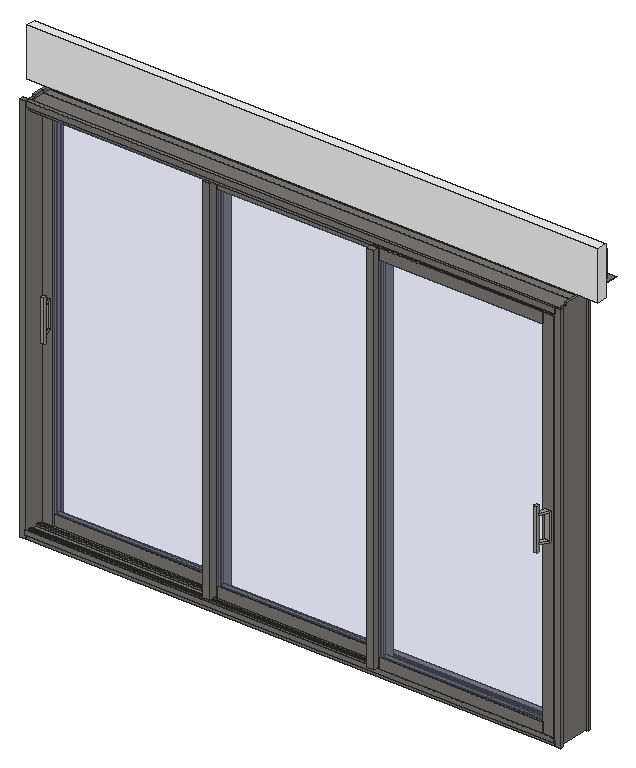
Revit family "K-LINE COULISSANT NEUF-KLBC3R-3V - Bloc Baie VR", category Fenêtres, Revit 2017 (continued)
Definition of nested family "Dormant KL-BC3R NEUF"
  Dimensions and locks
    locked: plane 10 to plane 5 at 32
    "Height": plane 4 to level
    "Ep doublage": plane 8 to plane 12
    locked: plane 12 to plane 1 "Centre (avant/arrière)" at 16.75
    locked: plane 9 to plane 14 at 13
    locked: plane 10 to plane 16 at 13
    locked: plane 6 to plane 20 at 17
    locked: plane 5 to plane 21 at 17
    locked: plane 23 to plane 22 at 15
    locked: plane 22 to plane 12 at 52.5
    locked: plane 24 to plane 25 at 15
    locked: plane 24 to plane 1 "Centre (avant/arrière)" at 14.25
    locked: plane 19 to plane 15 at 24.5
    "Ep Aile": plane 7 to plane 27
    locked: plane 17 to plane 28 at 12.7
    locked: plane 18 to plane 15 at 21
    "Lg seuil": plane 11 to plane 1 "Centre (avant/arrière)"
    locked: plane 30 "Axe vt Int" to plane 1 "Centre (avant/arrière)" at 21.75
    locked: plane 31 "Axe vt mil" to plane 30 "Axe vt Int" at 55
    locked: plane 1 "Centre (avant/arrière)" to Extrusion 5 sketch curve at 3
    locked: Extrusion 5 sketch curve to Extrusion 5 sketch curve at 2
    locked: plane 15 to Extrusion 5 sketch curve at 2
    locked: plane 2 "Haut rejingot" to plane 18 at 5
    locked: plane 32 to plane 18 at 20
    locked: plane 34 to plane 33 at 15
    locked: plane 35 "Axe vt ext" to plane 31 "Axe vt mil" at 55
    locked: plane 33 to plane 23 at 40
    locked: plane 29 to plane 33 at 2.5
    locked: plane 36 to plane 33 at 1
    "Retrait": plane 7 to plane 37
    locked: plane 37 to Extrusion 4 sketch curve at 8
    "Ep aile rattrapage": plane 13 to plane 12
    "Décalage traverse haute": plane 4 to plane 38
    locked: plane 38 to plane 26 at 23
    locked: plane 17 to plane 38 at 32
    aligned and locked: plane 1 "Centre (avant/arrière)" to Extrusion 1 sketch curve
    aligned and locked: Extrusion 1 sketch curve to plane 6
    aligned and locked: plane 9 to Extrusion 1 sketch curve
    aligned and locked: plane 12 to Extrusion 1 sketch curve
    aligned and locked: Extrusion 1 sketch curve to plane 20
    aligned and locked: Extrusion 1 sketch curve to plane 1 "Centre (avant/arrière)"
    aligned and locked: Extrusion 1 sketch curve to plane 5
    aligned and locked: Extrusion 1 sketch curve to plane 12
    aligned and locked: Extrusion 1 sketch curve to plane 10
    aligned and locked: plane 14 to Extrusion 2 sketch curve
    aligned and locked: plane 16 to Extrusion 2 sketch curve
    aligned and locked: plane 25 to Extrusion 2 sketch curve
    aligned and locked: Extrusion 2 sketch curve to plane 24
    aligned and locked: plane 5 to Extrusion 3 sketch curve
    aligned and locked: Extrusion 3 sketch curve to plane 7  (x2)
    aligned and locked: plane 27 to Extrusion 3 sketch curve
    aligned and locked: plane 10 to Extrusion 3 sketch curve
    aligned and locked: Extrusion 3 sketch curve to plane 21
    aligned and locked: plane 25 to Extrusion 3 sketch curve
    aligned and locked: plane 6 to Extrusion 3 sketch curve
    aligned and locked: Extrusion 3 sketch curve to plane 9
    aligned and locked: plane 20 to Extrusion 3 sketch curve
    aligned and locked: Extrusion 3 to plane 27
    aligned and locked: plane 17 to Extrusion 1
    aligned and locked: plane 17 to Extrusion 3
    aligned and locked: plane 18 to Extrusion 1
    aligned and locked: plane 18 to Extrusion 3
    aligned and locked: Extrusion 4 sketch curve to plane 17
    aligned and locked: Extrusion 4 sketch curve to plane 28
    aligned and locked: plane 26 to Extrusion 4 sketch curve
    aligned and locked: Extrusion 4 to plane 10
    aligned and locked: Extrusion 4 to plane 9
    aligned and locked: Extrusion 5 sketch curve to plane 1 "Centre (avant/arrière)"  (x2)
    aligned and locked: Extrusion 5 sketch curve to plane 17
    aligned and locked: Extrusion 5 sketch curve to plane 28
    aligned and locked: plane 26 to Extrusion 5 sketch curve
    aligned and locked: plane 24 to Extrusion 5 sketch curve
    aligned and locked: Extrusion 5 sketch curve to plane 12
    aligned and locked: Extrusion 5 to plane 9
    aligned and locked: Extrusion 5 to plane 10
    aligned and locked: Extrusion 6 sketch curve to plane 28
    aligned and locked: plane 22 to Extrusion 6 sketch curve  (x2)
    aligned and locked: plane 26 to Extrusion 6 sketch curve
    aligned and locked: Extrusion 6 to plane 10
    aligned and locked: Extrusion 6 to plane 9
    aligned and locked: Extrusion 4 sketch curve to plane 19
    aligned and locked: Extrusion 4 sketch curve to plane 18
    aligned and locked: Extrusion 4 sketch curve to plane 11
    aligned and locked: plane 15 to Extrusion 4 sketch curve
    aligned and locked: plane 29 to Extrusion 4 sketch curve
    aligned and locked: Extrusion 6 sketch curve to plane 23  (x2)
    aligned and locked: plane 25 to Extrusion 6 sketch curve  (x2)
    aligned and locked: plane 24 to Extrusion 6 sketch curve
    aligned and locked: plane 19 to Extrusion 6 sketch curve  (x2)
    aligned and locked: Extrusion 6 sketch curve to plane 18
    aligned and locked: Extrusion 5 sketch curve to plane 19
    aligned and locked: Extrusion 5 sketch curve to plane 30 "Axe vt Int"
    aligned and locked: Extrusion 5 sketch curve to plane 18
    aligned and locked: plane 15 to Extrusion 5 sketch curve
    aligned and locked: plane 9 to Extrusion 2 sketch curve
    aligned and locked: plane 10 to Extrusion 2 sketch curve
    aligned and locked: Extrusion 7 sketch curve to plane 17
    aligned and locked: plane 12 to Extrusion 7 sketch curve
    aligned and locked: plane 28 to Extrusion 7 sketch curve
    aligned and locked: Extrusion 7 sketch curve to plane 22
    aligned and locked: Extrusion 7 to plane 20
    aligned and locked: Extrusion 7 to plane 21
    aligned and locked: plane 2 "Haut rejingot" to level
    aligned and locked: Extrusion 2 to plane 19
    aligned and locked: plane 26 to Extrusion 2
    aligned and locked: nested 1 to plane 11
    aligned and locked: nested 1 to plane 18
    aligned and locked: plane 3 "Centre (gauche/droite)" to nested 1
    aligned and locked: nested 2 to plane 1 "Centre (avant/arrière)"
    aligned and locked: nested 2 to plane 18
    aligned and locked: nested 3 to plane 1 "Centre (avant/arrière)"
    aligned and locked: plane 1 "Centre (avant/arrière)" to nested 4
    aligned and locked: plane 10 to nested 4
    aligned and locked: nested 5 to plane 1 "Centre (avant/arrière)"
    aligned and locked: nested 5 to plane 9
    aligned and locked: plane 1 "Centre (avant/arrière)" to curve 1
    aligned and locked: Extrusion 4 sketch curve to plane 34  (x2)
    aligned and locked: Extrusion 4 sketch curve to plane 36
    aligned and locked: Extrusion 6 sketch curve to plane 34
    aligned and locked: plane 36 to Extrusion 6 sketch curve
    aligned and locked: plane 33 to Extrusion 6 sketch curve
    aligned and locked: plane 33 to Extrusion 4 sketch curve
    aligned and locked: Extrusion 6 sketch curve to plane 33
    aligned and locked: Extrusion 5 sketch curve to plane 25
    aligned and locked: Extrusion 2 sketch curve to plane 34
    aligned and locked: plane 33 to Extrusion 2 sketch curve
    aligned and locked: plane 33 to Extrusion 1 sketch curve
    aligned and locked: Extrusion 3 sketch curve to plane 33
    aligned and locked: plane 37 to Extrusion 4 sketch curve
    aligned and locked: plane 13 to Sweep 8 sketch curve
    aligned and locked: profile plane to Sweep 8 sketch curve
    aligned and locked: Sweep 8 sketch curve to plane 12
    aligned and locked: plane 21 to Sweep 8 sketch curve
    aligned and locked: plane 32 to Extrusion 9 sketch curve
    aligned and locked: plane 12 to Extrusion 9 sketch curve
    aligned and locked: plane 13 to Extrusion 9 sketch curve
    aligned and locked: Extrusion 9 sketch curve to plane 18
    aligned and locked: Extrusion 9 to plane 6
    aligned and locked: plane 5 to Extrusion 9
    aligned and locked: plane 38 to nested 3
    aligned and locked: plane 38 to Extrusion 5 sketch curve
    aligned and locked: plane 38 to Extrusion 6 sketch curve  (x2)
    aligned and locked: plane 38 to Extrusion 4 sketch curve
    aligned and locked: plane 17 to curve 2
  Automatic sketch dimensions
    curve 2 to plane 1 "Centre (avant/arrière)" = 0.00 mm
    plane 15 to curve 2 = 2.00 mm
    curve 1 to plane 9 = 0.00 mm
    curve 1 to plane 10 = 0.00 mm
    Extrusion 4 sketch curve to plane 18 = 8.305 mm
    Extrusion 4 sketch curve to plane 18 = 9.70 mm
    Extrusion 6 sketch curve to plane 30 "Axe vt Int" = 0.00 mm  (x2)
    Extrusion 6 sketch curve to plane 31 "Axe vt mil" = 0.00 mm
    Extrusion 6 sketch curve to plane 35 "Axe vt ext" = 0.00 mm
    Extrusion 6 sketch curve to plane 19 = 9.50 mm  (x2)
    Extrusion 6 sketch curve to Extrusion 6 sketch curve = 2.50 mm  (x2)
    plane 19 to Extrusion 6 sketch curve = 2.50 mm  (x4)
    plane 19 to Extrusion 6 sketch curve = 3.50 mm  (x2)
    Extrusion 6 sketch curve to Extrusion 6 sketch curve = 3.50 mm
    Extrusion 5 sketch curve to plane 24 = 0.00 mm
    Extrusion 5 sketch curve to plane 19 = 0.00 mm
    Extrusion 3 sketch curve to plane 27 = 0.00 mm
    Sweep 8 sketch curve to plane 6 = 0.00 mm
    Sweep 8 sketch curve to plane 5 = 0.00 mm
    Sweep 8 sketch curve to plane 18 = 0.00 mm  (x2)
    Sweep 8 sketch curve to plane 17 = 0.00 mm
  Nested families
    nested 1: "Bavette KLBC3R Neuf" at (0, 166.75, 5), type "Bavette KLBC3R Neuf"
      with Longueur 2200.00 mm
    nested 2: "Détail 2D - Traverse basse 3R" at (0, 0, 5) x (0, -1, 0) z (1, 0, 0), type "Détail 2D - Traverse basse 3R"
      with Ep aile rattrapage 10.00 mm
    nested 3: "Détail 2D - Profil dormant 3R" at (0, 0, 2115.395) x (0, -1, 0) z (1, 0, 0), Joint etancheite <- "Joint en trav haute", Doublage <- "Doublage - Retrait", type "Détail 2D - Profil dormant 3R"
      with Joint etancheite yes, Int yes, Ext yes, Ep aile 8.00 mm, Doublage 200.00 mm, Central yes, B 23.00 mm, A 12.70 mm, Ep aile rattrapage 10.00 mm, Aile de rattrapage yes
    nested 4: "Détail 2D - Profil dormant 3R" at (1100, 0, 0) x (0, -1, 0) z (0, 0, 1), Doublage <- "Ep doublage", type "Détail 2D - Profil dormant 3R"
      with Joint etancheite yes, Int yes, Ext no, Ep aile 8.00 mm, Doublage 200.00 mm, Central no, B 13.00 mm, A 17.00 mm, Ep aile rattrapage 10.00 mm, Aile de rattrapage yes
    nested 5: "Détail 2D - Profil dormant 3R" at (-1100, 0, 0) x (0, -1, 0) z (0, 0, 1), Doublage <- "Ep doublage", type "Détail 2D - Profil dormant 3R"
      with Joint etancheite yes, Int no, Ext yes, Ep aile 8.00 mm, Doublage 200.00 mm, Central no, B 13.00 mm, A 17.00 mm, Ep aile rattrapage 10.00 mm, Aile de rattrapage yes
  Definition of nested family "Bavette KLBC3R Neuf"
    Parameters
      Longueur = 806.00 mm
      Couleur Ext = none
      Analytic Construction = "<Aucun>"
      Bavette 70 = yes
      Bavette 50 = no
      Bavette 30 = no
    Reference planes
      plane 1 "Centre (avant/arrière)": y = 0
      plane 2: z = 0
      plane 3 "Centre (gauche/droite)": x = 0
      plane 4: x = -403
      plane 5: x = 403
    Forms (mm)
      Extrusion 1, solid, material <- "Couleur Ext", visible <- "Bavette 30"
        sketch origin (0, -53.2, 0) x (0, 1, 0) y (0, 0, 1)
          loop
            line (72.613, 7.652) -> (53.2, 8.305) -> (53.2, 0) -> (76.976, 0) -> (76.976, -21) -> (83.476, -21)
            arc (83.476, -21) -> (81.575, -5.336) -> (72.613, 7.652) r 32.973
        from -403 to 403
      Extrusion 2, solid, material <- "Couleur Ext", visible <- "Bavette 50"
        sketch origin (0, -53.2, 0) x (0, 1, 0) y (0, 0, 1)
          loop
            line (93.028, 6.964) -> (53.2, 8.305) -> (53.2, 0) -> (96.976, 0) -> (96.976, -21) -> (103.476, -21)
            arc (103.476, -21) -> (101.722, -5.722) -> (93.028, 6.964) r 31.927
        from -403 to 403
      Extrusion 3, solid, material <- "Couleur Ext", visible <- "Bavette 70"
        sketch origin (0, -53.2, 0) x (0, 1, 0) y (0, 0, 1)
          loop
            line (53.2, 8.305) -> (53.2, 0) -> (116.976, 0) -> (116.976, -21) -> (123.476, -21)
            arc (123.476, -21) -> (121.863, -6.096) -> (113.4, 6.278) r 30.777
            line (113.4, 6.278) -> (53.2, 8.305)
        from -403 to 403
    Dimensions and locks
      equal spacing: plane 4, plane 3 "Centre (gauche/droite)", plane 5
      "Longueur": plane 4 to plane 5
      aligned and locked: level to plane 2
      aligned and locked: Extrusion 2 to plane 4
      aligned and locked: Extrusion 1 to plane 4
      aligned and locked: plane 5 to Extrusion 2
      aligned and locked: plane 5 to Extrusion 1
      aligned and locked: nested 1 to plane 1 "Centre (avant/arrière)"
      aligned and locked: Extrusion 1 sketch curve to plane 1 "Centre (avant/arrière)"
      aligned and locked: plane 2 to Extrusion 1 sketch curve
      aligned and locked: Extrusion 2 sketch curve to plane 1 "Centre (avant/arrière)"
      aligned and locked: plane 2 to Extrusion 2 sketch curve
      aligned and locked: Extrusion 3 sketch curve to plane 1 "Centre (avant/arrière)"
      aligned and locked: plane 2 to Extrusion 3 sketch curve
      aligned and locked: Extrusion 3 to plane 4
      aligned and locked: plane 5 to Extrusion 3
    Automatic sketch dimensions
      plane 1 "Centre (avant/arrière)" to Extrusion 1 sketch curve = 2.456 mm
      level to Extrusion 1 sketch curve = 7.652 mm
      Extrusion 1 sketch curve to plane 1 "Centre (avant/arrière)" = 19.413 mm
      Extrusion 1 sketch curve to plane 1 "Centre (avant/arrière)" = 23.776 mm
      Extrusion 1 sketch curve to Extrusion 1 sketch curve = 6.50 mm
      Extrusion 1 sketch curve to level = 17.026 mm
      Extrusion 1 sketch curve to Extrusion 1 sketch curve = 8.305 mm
      Extrusion 2 sketch curve to plane 1 "Centre (avant/arrière)" = 18.615 mm
      level to Extrusion 2 sketch curve = 6.964 mm
      Extrusion 2 sketch curve to Extrusion 2 sketch curve = 21.214 mm
      Extrusion 2 sketch curve to Extrusion 2 sketch curve = 25.162 mm
      Extrusion 2 sketch curve to Extrusion 2 sketch curve = 6.50 mm
      Extrusion 2 sketch curve to level = 16.896 mm
      Extrusion 2 sketch curve to Extrusion 2 sketch curve = 8.305 mm
      Extrusion 3 sketch curve to level = 16.761 mm
      Extrusion 3 sketch curve to plane 1 "Centre (avant/arrière)" = 39.793 mm
      level to Extrusion 3 sketch curve = 6.278 mm
      Extrusion 3 sketch curve to Extrusion 3 sketch curve = 20.407 mm
      Extrusion 3 sketch curve to Extrusion 3 sketch curve = 23.984 mm
      Extrusion 3 sketch curve to Extrusion 3 sketch curve = 6.50 mm
      Extrusion 3 sketch curve to Extrusion 3 sketch curve = 8.305 mm
    Nested families
      nested 1: "Détail 2D - Bavette KLBC3R Neuf" at (0, 0, 0) x (0, -1, 0) z (1, 0, 0), type "Détail 2D - Bavette KLBC3R Neuf"
    Definition of nested family "Détail 2D - Bavette KLBC3R Neuf"
      Parameters
        Seuil PEA = no
        PAE plus = no
        Bavette 70 = yes
        Bavette 50 = no
        Bavette 30 = no
      Reference planes
        plane 1 "Centre (avant/arrière)": y = 0
        plane 2: z = 0
        plane 3 "Centre (gauche/droite)": x = 0
      Lines and regions (mm)
        Filled region 1, type "Uni - Gris", in view "Niveau de réf.", visible <- "Bavette 30", detail levels medium+fine
          outline origin (0, 0, 0) x (1, 0, 0) y (0, 1, 0)
            loop
              line (-23.776, -21) -> (-23.776, 0) -> (0, 0) -> (0, 8.305) -> (-19.413, 7.652)
              arc (-19.413, 7.652) -> (-28.375, -5.336) -> (-30.276, -21) r 32.973
              line (-30.276, -21) -> (-23.776, -21)
        Filled region 2, type "Uni - Gris", in view "Niveau de réf.", visible <- "Bavette 50", detail levels medium+fine
          outline origin (0, 0, 0) x (1, 0, 0) y (0, 1, 0)
            loop
              line (-43.776, -21) -> (-43.776, 0) -> (0, 0) -> (0, 8.305) -> (-39.828, 6.964)
              arc (-39.828, 6.964) -> (-48.522, -5.722) -> (-50.276, -21) r 31.927
              line (-50.276, -21) -> (-43.776, -21)
        Filled region 3, type "Uni - Gris", in view "Niveau de réf.", visible <- "Bavette 70", detail levels medium+fine
          outline origin (0, 0, 0) x (1, 0, 0) y (0, 1, 0)
            loop
              line (-63.776, -21) -> (-63.776, 0) -> (0, 0) -> (0, 8.305) -> (-60.2, 6.278)
              arc (-60.2, 6.278) -> (-68.663, -6.096) -> (-70.276, -21) r 30.777
              line (-70.276, -21) -> (-63.776, -21)
      Dimensions and locks
        aligned and locked: plane 3 "Centre (gauche/droite)" to Filled region 1 sketch curve
        aligned and locked: plane 1 "Centre (avant/arrière)" to Filled region 1 sketch curve
  Definition of nested family "Détail 2D - Traverse basse 3R"
    Parameters (values of type "Détail 2D - Traverse basse 3R")
      Ep aile rattrapage = 13.122 mm
      Aile + R = yes
    Reference planes
      plane 1 "Centre (avant/arrière)": y = 0
      plane 2: z = 0
      plane 3 "Centre (gauche/droite)": x = 0
      plane 4: x = -166.75
      plane 5: x = -139.25
      plane 6: y = 49
      plane 7: y = -5
      plane 8: x = -16.75
      plane 9: x = -29.872
      plane 10: y = -20
    Lines and regions (mm)
      Filled region 1, type "Uni - Gris", in view "Niveau de réf.", detail levels medium+fine
        outline origin (0, 0, 0) x (1, 0, 0) y (0, 1, 0)
          loop
            line (-29.25, 48) -> (-29.25, 36) -> (-69.25, 36) -> (-69.25, 48) -> (-76.75, 49) -> (-84.25, 48) -> (-84.25, 36) -> (-124.25, 36) -> (-124.25, 48) -> (-131.75, 49) -> (-139.25, 48) -> (-139.25, 21) -> (-126.75, 21) -> (-126.75, 9.7) -> (-166.75, 8.327) -> (-166.75, 0) -> (0, 0) -> (0, 21) -> (5, 21) -> (5, 45.5) -> (3, 45.5) -> (3, 23) -> (-14.25, 23) -> (-14.25, 48) -> (-21.75, 49) -> (-29.25, 48)
      Filled region 2, type "Uni - blanc", in view "Niveau de réf.", detail levels coarse
        outline origin (0, 0, 0) x (1, 0, 0) y (0, 1, 0)
          loop
            line (-139.25, 36) -> (-139.25, 9.271) -> (-166.75, 8.327) -> (-166.75, 0) -> (0, 0) -> (0, 36) -> (-139.25, 36)
      Filled region 3, type "Uni - Gris", in view "Niveau de réf.", visible <- "Aile + R", detail levels medium+fine
        outline origin (0, 0, 0) x (1, 0, 0) y (0, 1, 0)
          loop
            line (-29.872, 0) -> (-29.872, -20) -> (-16.75, -20) -> (-16.75, 0) -> (-29.872, 0)
      detail lines, in view "Niveau de réf."
        curve 1: line (-139.25, 0, 0) -> (-59.25, 0, 0)
        curve 2: line (-139.25, -5, 0) -> (-139.25, 0, 0)
        curve 3: line (-59.25, -5, 0) -> (-139.25, -5, 0)
        curve 4: line (-59.25, 0, 0) -> (-59.25, -5, 0)
        curve 5: line (-139.25, 0, 0) -> (-59.25, -5, 0)
        curve 6: line (-59.25, 0, 0) -> (-139.25, -5, 0)
    Dimensions and locks
      locked: plane 4 to plane 3 "Centre (gauche/droite)" at 166.75
      locked: plane 5 to plane 3 "Centre (gauche/droite)" at 139.25
      locked: plane 6 to plane 1 "Centre (avant/arrière)" at 49
      locked: plane 7 to plane 1 "Centre (avant/arrière)" at 5
      locked: plane 10 to plane 1 "Centre (avant/arrière)" at 20
      locked: plane 8 to plane 3 "Centre (gauche/droite)" at 16.75
      "Ep aile rattrapage": plane 9 to plane 8
      locked: plane 5 to curve 4 at 80
      locked: plane 5 to Filled region 1 sketch curve at 15
      locked: Filled region 1 sketch curve to Filled region 1 sketch curve at 40  (x2)
      locked: Filled region 1 sketch curve to Filled region 1 sketch curve at 15  (x2)
      aligned and locked: Filled region 2 to Filled region 1
      aligned and locked: plane 4 to import instance
      aligned and locked: plane 1 "Centre (avant/arrière)" to import instance
      aligned and locked: plane 5 to curve 2
    Automatic sketch dimensions
      curve 6 to plane 7 = 0.00 mm
      plane 1 "Centre (avant/arrière)" to curve 1 = 0.00 mm
      plane 1 "Centre (avant/arrière)" to Filled region 2 sketch curve = 0.00 mm
      Filled region 2 sketch curve to plane 4 = 0.00 mm
      Filled region 2 sketch curve to plane 5 = 0.00 mm
      Filled region 2 sketch curve to plane 3 "Centre (gauche/droite)" = 0.00 mm
      Filled region 2 sketch curve to plane 1 "Centre (avant/arrière)" = 8.327 mm
      Filled region 2 sketch curve to plane 1 "Centre (avant/arrière)" = 9.271 mm
      Filled region 2 sketch curve to plane 6 = 13.00 mm
      Filled region 3 sketch curve to plane 9 = 0.00 mm
      Filled region 3 sketch curve to plane 8 = 0.00 mm
      Filled region 3 sketch curve to plane 10 = 0.00 mm
      plane 1 "Centre (avant/arrière)" to Filled region 3 sketch curve = 0.00 mm
      Filled region 1 sketch curve to plane 4 = 0.00 mm
      Filled region 1 sketch curve to plane 5 = 0.00 mm
      Filled region 1 sketch curve to plane 6 = 0.00 mm  (x3)
      Filled region 1 sketch curve to plane 3 "Centre (gauche/droite)" = 0.00 mm
      plane 1 "Centre (avant/arrière)" to Filled region 1 sketch curve = 0.00 mm
      plane 5 to Filled region 1 sketch curve = 7.50 mm
      plane 5 to Filled region 1 sketch curve = 12.50 mm
      Filled region 1 sketch curve to Filled region 1 sketch curve = 7.50 mm
      Filled region 1 sketch curve to plane 8 = 5.00 mm
      plane 3 "Centre (gauche/droite)" to Filled region 1 sketch curve = 3.00 mm
      Filled region 1 sketch curve to Filled region 1 sketch curve = 2.00 mm  (x2)
      Filled region 1 sketch curve to plane 1 "Centre (avant/arrière)" = 8.327 mm
      Filled region 1 sketch curve to plane 1 "Centre (avant/arrière)" = 9.70 mm
      Filled region 1 sketch curve to Filled region 1 sketch curve = 11.30 mm
      Filled region 1 sketch curve to plane 1 "Centre (avant/arrière)" = 21.00 mm
      Filled region 1 sketch curve to plane 6 = 13.00 mm  (x2)
      Filled region 1 sketch curve to plane 6 = 3.50 mm
      Filled region 1 sketch curve to plane 6 = 1.00 mm  (x6)
  Definition of nested family "Détail 2D - Profil dormant 3R"
    Parameters (values of type "Détail 2D - Profil dormant 3R")
      Joint etancheite [instance] = yes
      Int [instance] = yes
      Ext [instance] = yes
      Ep aile rattrapage = 20.00 mm
      Ep aile [instance] = if(Doublage > 210.00 mm, 48.00 mm, 8.00 mm)  # 8.00 mm
      Doublage [instance] = 160.00 mm
      Central [instance] = yes
      B [instance] = if(and(Int, Ext), 23.00 mm, 13.00 mm)  # 23.00 mm
      Aile de rattrapage = no
      A [instance] = if(and(Int, Ext), 12.70 mm, 17.00 mm)  # 12.70 mm
    Reference planes
      plane 1 "Centre (avant/arrière)": y = 0
      plane 2: z = 0
      plane 3 "Centre (gauche/droite)": x = 0
      plane 4: x = -176.75
      plane 5: x = -171.75
      plane 6: y = 32
      plane 7: y = -23
      plane 8: x = -163.75
      plane 9: x = -84.25
      plane 10: x = -16.75
      plane 11: y = 19.3
      plane 12: x = -69.25
      plane 13: x = -29.25
      plane 14: x = -14.25
      plane 15: x = -139.25
      plane 16: x = -124.25
      plane 17: x = -36.75
    Lines and regions (mm)
      Filled region 1, type "Uni - Gris", in view "Niveau de réf.", detail levels medium+fine
        outline origin (0, 0, 0) x (1, 0, 0) y (0, 1, 0)
          loop
            line (-163.75, 19.3) -> (-163.75, 32) -> (-171.75, 32) -> (-171.75, 0) -> (0, 0) -> (0, 32) -> (-16.75, 32) -> (-16.75, 19.3) -> (-163.75, 19.3)
      Filled region 2, type "Uni - blanc", in view "Niveau de réf.", detail levels coarse
        outline origin (0, 0, 0) x (1, 0, 0) y (0, 1, 0)
          loop
            line (-171.75, 32) -> (-171.75, 0) -> (0, 0) -> (0, 32) -> (-171.75, 32)
      Filled region 3, type "Uni - Gris", in view "Niveau de réf.", visible <- "Central", detail levels medium+fine
        outline origin (0, 0, 0) x (1, 0, 0) y (0, 1, 0)
          loop
            line (-84.25, 0) -> (-84.25, -23) -> (-69.25, -23) -> (-69.25, 0) -> (-84.25, 0)
      Filled region 4, type "Uni - Gris", in view "Niveau de réf.", visible <- "Int", detail levels medium+fine
        outline origin (0, 0, 0) x (1, 0, 0) y (0, 1, 0)
          loop
            line (-29.25, 0) -> (-29.25, -23) -> (-14.25, -23) -> (-14.25, 0) -> (-29.25, 0)
      Filled region 5, type "Uni - Gris", in view "Niveau de réf.", visible <- "Ext", detail levels medium+fine
        outline origin (-55, 0, 0) x (1, 0, 0) y (0, 1, 0)
          loop
            line (-84.25, 0) -> (-84.25, -23) -> (-69.25, -23) -> (-69.25, 0) -> (-84.25, 0)
      Filled region 6, type "Uni - Gris", in view "Niveau de réf.", visible <- "Aile de rattrapage"
        outline origin (0, 0, 0) x (1, 0, 0) y (0, 1, 0)
          loop
            line (-36.75, 32) -> (-36.75, 30) -> (-16.75, 30) -> (-16.75, 32) -> (-36.75, 32)
    Dimensions and locks
      "Doublage": plane 4 to plane 10
      locked: plane 6 to plane 1 "Centre (avant/arrière)" at 32
      "B": plane 7 to plane 1 "Centre (avant/arrière)"
      locked: plane 5 to plane 4 at 5
      "Ep aile": plane 5 to plane 8
      locked: plane 10 to plane 3 "Centre (gauche/droite)" at 16.75
      "A": plane 6 to plane 11
      locked: plane 9 to plane 12 at 15
      locked: plane 12 to plane 13 at 40
      locked: plane 13 to plane 14 at 15
      locked: plane 14 to plane 3 "Centre (gauche/droite)" at 14.25
      locked: plane 15 to plane 16 at 15
      locked: plane 16 to plane 9 at 40
      Filled region 6 sketch curve to plane 10 = 20.00 mm
      plane 6 to Filled region 6 sketch curve = 2.00 mm
      "Ep aile rattrapage": plane 17 to plane 10
      aligned and locked: Filled region 1 sketch curve to plane 6  (x2)
      aligned and locked: Filled region 1 sketch curve to plane 3 "Centre (gauche/droite)"
      aligned and locked: Filled region 1 sketch curve to plane 1 "Centre (avant/arrière)"
      aligned and locked: plane 5 to Filled region 1 sketch curve
      aligned and locked: Filled region 1 sketch curve to plane 8
      aligned and locked: Filled region 2 sketch curve to plane 6
      aligned and locked: plane 5 to Filled region 2 sketch curve
      aligned and locked: Filled region 2 sketch curve to plane 1 "Centre (avant/arrière)"
      aligned and locked: Filled region 2 sketch curve to plane 3 "Centre (gauche/droite)"
      aligned and locked: plane 1 "Centre (avant/arrière)" to Filled region 3 sketch curve
      aligned and locked: plane 7 to Filled region 3 sketch curve
      aligned and locked: Filled region 3 sketch curve to plane 12
      aligned and locked: plane 9 to Filled region 3 sketch curve
      aligned and locked: Filled region 4 sketch curve to plane 14
      aligned and locked: plane 13 to Filled region 4 sketch curve
      aligned and locked: plane 7 to Filled region 4 sketch curve
      aligned and locked: plane 1 "Centre (avant/arrière)" to Filled region 4 sketch curve
      aligned and locked: Filled region 5 sketch curve to plane 16
      aligned and locked: plane 15 to Filled region 5 sketch curve
      aligned and locked: plane 10 to Filled region 1 sketch curve
      aligned and locked: Filled region 1 sketch curve to plane 11
      aligned and locked: Filled region 6 sketch curve to plane 6
      aligned and locked: Filled region 6 sketch curve to plane 10
      aligned and locked: import instance to plane 4
      aligned and locked: Filled region 6 to plane 17
    Automatic sketch dimensions
      Filled region 5 sketch curve to plane 7 = 0.00 mm
      plane 1 "Centre (avant/arrière)" to Filled region 5 sketch curve = 0.00 mm
Definition of nested family "Ouvrant central KLBC3R"
  Parameters (values of type "Ouvrant central KLBC3R")
    Vitrage = none
    Visibilité ouverture = yes
    Position traverses = if([3 traverses], (Height - 274.00 mm) / 4 + 50.00 mm, (Height - 224.00 mm) / 3 + 50.00 mm)  # 689.667 mm
    Porte Fenetre = yes
    Nb traverses = 0.00 mm
    Lg vitrage = Width - 50.00 mm  # 683.333 mm
    Lg traverse = Width - 80.00 mm  # 653.333 mm
    Width = 733.333 mm
    Ht vitrage = Height - 96.00 mm  # 2047.00 mm
    Ht traverse 1 = 931.00 mm
    Height = 2143.00 mm
    Couleur châssis Int = none
    Couleur châssis Ext = none
    Analytic Construction = "<Aucun>"
    3 traverses = Nb traverses = 3.00 mm  # no
    2 traverses = or(Nb traverses = 2.00 mm, Nb traverses = 3.00 mm)  # no
    1 traverse = Nb traverses = 1.00 mm  # no
  Reference planes
    plane 1 "Centre (avant/arrière)": y = 0
    plane 2: z = 0
    plane 3 "Centre (gauche/droite)": x = 0
    plane 4: x = -733.333
    plane 5: y = 21.75
    plane 6 "Nu ext": y = -21.75
    plane 7: x = -40
    plane 8: x = -25
    plane 9: x = -3
    plane 10: x = -693.333
    plane 11: x = -708.333
    plane 12: x = -713.333
    plane 13: y = -14
    plane 14: y = 14
    plane 15: y = -8
    plane 16: y = 8
    plane 17: x = -730.333
    plane 18: y = 28.25
    plane 19: z = 2143
    plane 20: z = 1071.5
    plane 21: z = 62
    plane 22: z = 48
    plane 23: z = 13
    plane 24: y = -20
    plane 25: y = 20
    plane 26: z = 2081
    plane 27: z = 2095
    plane 28: z = 2130
    plane 29: x = -20
    plane 30: x = -366.667
    plane 31: z = 726.667
    plane 32: z = 1416.333
    plane 33: z = 2106
    plane 34: z = 2795.667
    plane 35: z = 37
    plane 36: z = 931
    plane 37: y = 120
    plane 38: y = -28.25
    plane 39: y = 74.75
  Forms (mm)
    Extrusion 1, solid
      sketch origin (0, 0, 0) x (1, 0, 0) y (0, 1, 0)
        loop
          line (-730.333, 28.25) -> (-730.333, -14) -> (-708.333, -14) -> (-708.333, 14) -> (-693.333, 14) -> (-693.333, 21.75) -> (-713.333, 21.75) -> (-713.333, 28.25) -> (-730.333, 28.25)
        loop
          line (-3, -28.25) -> (-3, 14) -> (-25, 14) -> (-25, -14) -> (-40, -14) -> (-40, -21.75) -> (-20, -21.75) -> (-20, -28.25) -> (-3, -28.25)
      from 0 to 2143
    Extrusion 2, solid, material <- "Couleur châssis Ext"
      sketch origin (0, 0, 0) x (1, 0, 0) y (0, 1, 0)
        loop
          line (-733.333, 28.25) -> (-733.333, -21.75) -> (-693.333, -21.75) -> (-693.333, -14) -> (-730.333, -14) -> (-730.333, 28.25) -> (-733.333, 28.25)
      from 0 to 2143
    Extrusion 3, solid, material <- "Couleur châssis Ext"
      sketch origin (0, 0, 0) x (0, 1, 0) y (0, 0, 1)
        loop
          line (-20, 62) -> (-20, 0) -> (-8, 0) -> (-8, 13) -> (0, 13) -> (0, 48) -> (-14, 48) -> (-14, 62) -> (-20, 62)
        loop
          line (-20, 2081) -> (-14, 2081) -> (-14, 2095) -> (0, 2095) -> (0, 2130) -> (-8, 2130) -> (-8, 2143) -> (-20, 2143) -> (-20, 2081)
      from -40 to -693.333
    Extrusion 4, void
      sketch origin (0, 0, 0) x (0, 1, 0) y (0, 0, 1)
        loop
          line (-8, 13) -> (-8, 0) -> (8, 0) -> (8, 13) -> (-8, 13)
        loop
          line (-8, 2130) -> (8, 2130) -> (8, 2143) -> (-8, 2143) -> (-8, 2130)
      from 0 to -733.333
    Extrusion 5, solid, material <- "Couleur châssis Int"
      sketch origin (0, 1.25, 0.625) x (0, -1, 0) y (0, 0, -1)
        loop
          line (-18.75, -61.375) -> (-12.75, -61.375) -> (-12.75, -47.375) -> (1.25, -47.375) -> (1.25, -12.375) -> (-6.75, -12.375) -> (-6.75, 0.625) -> (-18.75, 0.625) -> (-18.75, -61.375)
        loop
          line (-18.75, -2080.375) -> (-18.75, -2142.375) -> (-6.75, -2142.375) -> (-6.75, -2129.375) -> (1.25, -2129.375) -> (1.25, -2094.375) -> (-12.75, -2094.375) -> (-12.75, -2080.375) -> (-18.75, -2080.375)
      from -40 to -693.333
    Extrusion 6, solid, material <- "Couleur châssis Int"
      sketch origin (0, 0, 0) x (1, 0, 0) y (0, 1, 0)
        loop
          line (0, -28.25) -> (0, 21.75) -> (-40, 21.75) -> (-40, 14) -> (-3, 14) -> (-3, -28.25) -> (0, -28.25)
      from 0 to 2143
    Extrusion 7, solid, material <- "Couleur châssis Int", visible <- "Porte Fenetre"
      sketch origin (0, 0, 0) x (1, 0, 0) y (0, 1, 0)
        loop
          line (-40, 74.75) -> (-40, 21.75) -> (0, 21.75) -> (0, 74.75) -> (-40, 74.75)
      from 13 to 2130
  Cuts and joins
    Extrusion 4 cuts Extrusion 3
    Extrusion 4 cuts Extrusion 2
    Extrusion 4 cuts Extrusion 1
    Extrusion 4 cuts Extrusion 6
  Lines and regions (mm)
    symbolic lines
      curve 1: line (-466.667, 0, 1071.5) -> (-266.667, 0, 1071.5)
      curve 2: line (-466.667, 0, 1071.5) -> (-430.414, 0, 1088.405)
      curve 3: line (-466.667, 0, 1071.5) -> (-430.414, 0, 1054.595)
      curve 9: line (-266.667, 0, 1071.5) -> (-302.919, 0, 1088.405)
      curve 10: line (-266.667, 0, 1071.5) -> (-302.919, 0, 1054.595)
    symbolic lines, visible <- "Visibilité ouverture"
      curve 4: line (-466.667, 120, 0) -> (-266.667, 120, 0)
      curve 5: line (-466.667, 120, 0) -> (-428.03, 130.353, 0)
      curve 6: line (-466.667, 120, 0) -> (-428.03, 109.647, 0)
      curve 7: line (-266.667, 120, 0) -> (-305.304, 130.353, 0)
      curve 8: line (-266.667, 120, 0) -> (-305.304, 109.647, 0)
    model lines, visible <- "Visibilité ouverture"
      curve 11: line (-466.667, -21.75, 1071.5) -> (-430.414, -21.75, 1054.595)
      curve 12: line (-466.667, -21.75, 1071.5) -> (-266.667, -21.75, 1071.5)
      curve 13: line (-466.667, -21.75, 1071.5) -> (-430.414, -21.75, 1088.405)
      curve 14: line (-266.667, -21.75, 1071.5) -> (-302.919, -21.75, 1088.405)
      curve 15: line (-266.667, -21.75, 1071.5) -> (-302.919, -21.75, 1054.595)
  Dimensions and locks
    "Width": plane 4 to plane 3 "Centre (gauche/droite)"
    locked: plane 5 to plane 1 "Centre (avant/arrière)" at 21.75
    locked: plane 6 "Nu ext" to plane 1 "Centre (avant/arrière)" at 21.75
    locked: plane 7 to plane 8 at 15
    locked: plane 9 to plane 3 "Centre (gauche/droite)" at 3
    locked: plane 10 to plane 11 at 15
    locked: plane 4 to plane 12 at 20
    locked: plane 12 to plane 10 at 20
    locked: plane 6 "Nu ext" to plane 13 at 7.75
    locked: plane 5 to plane 14 at 7.75
    locked: plane 15 to plane 1 "Centre (avant/arrière)" at 8
    locked: plane 16 to plane 1 "Centre (avant/arrière)" at 8
    locked: plane 4 to plane 17 at 3
    locked: plane 6 "Nu ext" to plane 18 at 50
    "Height": plane 19 to plane 2
    equal spacing: plane 19, plane 20, plane 2
    locked: plane 21 to plane 2 at 62
    locked: plane 21 to plane 22 at 14
    locked: plane 2 to plane 23 at 13
    locked: plane 24 to plane 13 at 6
    locked: plane 25 to plane 14 at 6
    locked: plane 26 to plane 27 at 14
    locked: plane 19 to plane 28 at 13
    locked: plane 26 to plane 19 at 62
    locked: plane 29 to plane 3 "Centre (gauche/droite)" at 20
    equal spacing: plane 11, plane 30, plane 8
    "Position traverses": plane 32 to plane 31
    "Position traverses": plane 33 to plane 32
    "Position traverses": plane 34 to plane 33
    locked: plane 21 to plane 35 at 25
    "Position traverses": plane 31 to plane 35
    "Ht traverse 1": plane 36 to plane 2
    locked: plane 37 to plane 1 "Centre (avant/arrière)" at 120
    locked: plane 7 to plane 29 at 20
    locked: plane 38 to plane 6 "Nu ext" at 6.5
    locked: plane 39 to plane 5 at 53
    aligned and locked: level to plane 2
    aligned and locked: plane 17 to Extrusion 1 sketch curve
    aligned and locked: plane 12 to Extrusion 1 sketch curve
    aligned and locked: plane 10 to Extrusion 1 sketch curve
    aligned and locked: plane 11 to Extrusion 1 sketch curve
    aligned and locked: plane 13 to Extrusion 1 sketch curve
    aligned and locked: plane 4 to Extrusion 2 sketch curve
    aligned and locked: Extrusion 2 sketch curve to plane 17
    aligned and locked: Extrusion 2 sketch curve to plane 13
    aligned and locked: plane 10 to Extrusion 2 sketch curve
    aligned and locked: Extrusion 2 sketch curve to plane 6 "Nu ext"
    aligned and locked: plane 18 to Extrusion 2 sketch curve
    aligned and locked: plane 18 to Extrusion 1 sketch curve
    aligned and locked: Extrusion 1 sketch curve to plane 5
    aligned and locked: Extrusion 1 sketch curve to plane 14
    aligned and locked: Extrusion 2 to plane 2
    aligned and locked: Extrusion 1 to plane 2
    aligned and locked: plane 19 to Extrusion 1
    aligned and locked: plane 19 to Extrusion 2
    aligned and locked: plane 24 to Extrusion 3 sketch curve
    aligned and locked: plane 21 to Extrusion 3 sketch curve
    aligned and locked: plane 13 to Extrusion 3 sketch curve
    aligned and locked: plane 22 to Extrusion 3 sketch curve
    aligned and locked: Extrusion 3 sketch curve to plane 1 "Centre (avant/arrière)"
    aligned and locked: plane 23 to Extrusion 3 sketch curve
    aligned and locked: Extrusion 3 sketch curve to plane 2
    aligned and locked: Extrusion 3 sketch curve to plane 24
    aligned and locked: Extrusion 3 sketch curve to plane 19
    aligned and locked: Extrusion 3 sketch curve to plane 28
    aligned and locked: plane 1 "Centre (avant/arrière)" to Extrusion 3 sketch curve
    aligned and locked: Extrusion 3 sketch curve to plane 27
    aligned and locked: Extrusion 3 sketch curve to plane 13
    aligned and locked: Extrusion 3 sketch curve to plane 26
    aligned and locked: plane 15 to Extrusion 3 sketch curve
    aligned and locked: Extrusion 3 sketch curve to plane 15
    aligned and locked: plane 23 to Extrusion 4 sketch curve
    aligned and locked: Extrusion 4 sketch curve to plane 16
    aligned and locked: plane 2 to Extrusion 4 sketch curve
    aligned and locked: Extrusion 4 sketch curve to plane 15
    aligned and locked: plane 19 to Extrusion 4 sketch curve
    aligned and locked: plane 16 to Extrusion 4 sketch curve
    aligned and locked: Extrusion 4 sketch curve to plane 28
    aligned and locked: plane 15 to Extrusion 4 sketch curve
    aligned and locked: Extrusion 4 to plane 4
    aligned and locked: plane 3 "Centre (gauche/droite)" to Extrusion 4
    aligned and locked: plane 10 to Extrusion 3
    aligned and locked: plane 7 to cut or joined group of Extrusion 3, Extrusion 4
    aligned and locked: plane 19 to Extrusion 5 sketch curve
    aligned and locked: plane 28 to Extrusion 5 sketch curve
    aligned and locked: plane 1 "Centre (avant/arrière)" to Extrusion 5 sketch curve
    aligned and locked: Extrusion 5 sketch curve to plane 16
    aligned and locked: plane 25 to Extrusion 5 sketch curve
    aligned and locked: plane 27 to Extrusion 5 sketch curve
    aligned and locked: plane 26 to Extrusion 5 sketch curve
    aligned and locked: plane 14 to Extrusion 5 sketch curve
    aligned and locked: Extrusion 5 sketch curve to plane 21
    aligned and locked: Extrusion 5 sketch curve to plane 22
    aligned and locked: Extrusion 5 sketch curve to plane 23
    aligned and locked: plane 2 to Extrusion 5 sketch curve
    aligned and locked: Extrusion 5 sketch curve to plane 25
    aligned and locked: Extrusion 5 sketch curve to plane 14
    aligned and locked: plane 16 to Extrusion 5 sketch curve
    aligned and locked: Extrusion 5 sketch curve to plane 1 "Centre (avant/arrière)"
    aligned and locked: plane 1 "Centre (avant/arrière)" to nested 1
    aligned and locked: plane 30 to nested 1
    aligned and locked: nested 1 to plane 22
    aligned and locked: nested 2 to plane 1 "Centre (avant/arrière)"
    aligned and locked: plane 19 to nested 2
    aligned and locked: plane 2 to nested 3
    aligned and locked: plane 1 "Centre (avant/arrière)" to nested 3
    aligned and locked: plane 4 to nested 4
    aligned and locked: plane 1 "Centre (avant/arrière)" to nested 4
    aligned and locked: plane 10 to Extrusion 5
    aligned and locked: nested 5 to plane 30
    aligned and locked: nested 5 to plane 1 "Centre (avant/arrière)"
    aligned and locked: plane 31 to nested 6
    aligned and locked: plane 32 to nested 7
    aligned and locked: plane 33 to nested 8
    aligned and locked: nested 8 to plane 1 "Centre (avant/arrière)"
    aligned and locked: nested 7 to plane 1 "Centre (avant/arrière)"
    aligned and locked: nested 6 to plane 1 "Centre (avant/arrière)"
    aligned and locked: plane 36 to nested 5
    aligned and locked: nested 6 to plane 30
    aligned and locked: nested 7 to plane 30
    aligned and locked: nested 8 to plane 30
    aligned and locked: plane 7 to Extrusion 5
    aligned and locked: nested 9 to plane 3 "Centre (gauche/droite)"
    aligned and locked: nested 9 to plane 1 "Centre (avant/arrière)"
    aligned and locked: plane 7 to Extrusion 6 sketch curve
    aligned and locked: plane 9 to Extrusion 6 sketch curve
    aligned and locked: Extrusion 6 sketch curve to plane 3 "Centre (gauche/droite)"
    aligned and locked: Extrusion 6 sketch curve to plane 14
    aligned and locked: Extrusion 6 sketch curve to plane 5
    aligned and locked: plane 38 to Extrusion 6 sketch curve
    aligned and locked: plane 7 to Extrusion 1 sketch curve
    aligned and locked: plane 8 to Extrusion 1 sketch curve
    aligned and locked: plane 29 to Extrusion 1 sketch curve
    aligned and locked: Extrusion 1 sketch curve to plane 9
    aligned and locked: plane 38 to Extrusion 1 sketch curve
    aligned and locked: Extrusion 1 sketch curve to plane 6 "Nu ext"
    aligned and locked: Extrusion 1 sketch curve to plane 13
    aligned and locked: plane 14 to Extrusion 1 sketch curve
    aligned and locked: plane 39 to Extrusion 7 sketch curve
    aligned and locked: plane 7 to Extrusion 7 sketch curve
    aligned and locked: plane 5 to Extrusion 7 sketch curve
    aligned and locked: Extrusion 7 sketch curve to plane 3 "Centre (gauche/droite)"
    aligned and locked: plane 23 to Extrusion 7
    aligned and locked: plane 28 to Extrusion 7
    aligned and locked: plane 19 to Extrusion 6
    aligned and locked: Extrusion 6 to level
  Automatic sketch dimensions
    curve 6 to plane 37 = 0.00 mm
    curve 6 to plane 30 = 100.00 mm
    plane 30 to curve 8 = 100.00 mm
    plane 37 to curve 5 = 10.353 mm
    curve 4 to curve 5 = 38.637 mm
    curve 6 to plane 37 = 10.353 mm
    curve 6 to curve 5 = 0.00 mm
    plane 37 to curve 7 = 10.353 mm
    curve 7 to curve 7 = 38.637 mm
    curve 8 to plane 37 = 10.353 mm
    curve 8 to curve 7 = 0.00 mm
    curve 3 to plane 20 = 0.00 mm
    curve 3 to plane 30 = 100.00 mm
    plane 30 to curve 10 = 100.00 mm
    plane 20 to curve 2 = 16.905 mm
    curve 1 to curve 2 = 36.252 mm
    curve 3 to plane 20 = 16.905 mm
    curve 2 to curve 3 = 0.00 mm
    plane 20 to curve 9 = 16.905 mm
    curve 9 to curve 9 = 36.252 mm
    curve 10 to plane 20 = 16.905 mm
    curve 9 to curve 10 = 0.00 mm
    curve 12 to plane 20 = 0.00 mm
    plane 30 to curve 12 = 100.00 mm
    plane 20 to curve 11 = 16.905 mm
    curve 11 to curve 11 = 36.252 mm
    curve 12 to plane 30 = 100.00 mm
    curve 13 to plane 20 = 16.905 mm
    curve 13 to curve 11 = 0.00 mm
    curve 14 to plane 20 = 16.905 mm
    curve 14 to curve 14 = 36.252 mm
    plane 20 to curve 15 = 16.905 mm
    curve 14 to curve 15 = 0.00 mm
  Nested families
    nested 1: "Vitrage" at (-366.667, 0, 48), Width <- "Lg vitrage", Height <- "Ht vitrage", type "Vitrage"
      with Width 683.333 mm, Height 2047.00 mm
    nested 2: "Détail 2D - KLBC - Profil ouvrant" at (0, 0, 2081) x (0, 1, 0) z (1, 0, 0), type "Détail 2D - KLBC - Profil ouvrant"
      with Traverse yes, Pf vitrage 14.00 mm, Lg 40.00 mm, Ht 62.00 mm
    nested 3: "Détail 2D - KLBC - Profil ouvrant" at (0, 0, 62) x (0, 1, 0) z (1, 0, 0), type "Détail 2D - KLBC - Profil ouvrant"
      with Traverse yes, Pf vitrage 14.00 mm, Lg 40.00 mm, Ht 62.00 mm
    nested 4: "Détail 2D - KLBC - Montant central" at (-733.333, 0, 0), type "Détail 2D - KLBC - Montant central"
      with Profondeur 7.75 mm, Porte fenêtre no
    nested 5: "Traverse intermédiaire" at (-366.667, 0, 931) x (-1, 0, 0) z (0, 0, 1), visible <- "1 traverse", type "Traverse intermédiaire"
      with Longueur 653.333 mm
    nested 6: "Traverse intermédiaire" at (-366.667, 0, 726.667) x (-1, 0, 0) z (0, 0, 1), visible <- "2 traverses", type "Traverse intermédiaire"
      with Longueur 653.333 mm
    nested 7: "Traverse intermédiaire" at (-366.667, 0, 1416.333) x (-1, 0, 0) z (0, 0, 1), visible <- "2 traverses", type "Traverse intermédiaire"
      with Longueur 653.333 mm
    nested 8: "Traverse intermédiaire" at (-366.667, 0, 2106) x (-1, 0, 0) z (0, 0, 1), visible <- "3 traverses", type "Traverse intermédiaire"
      with Longueur 653.333 mm
    nested 9: "Détail 2D - KLBC - Montant central" at (0, 0, 0) x (-1, 0, 0) z (0, 0, 1), Porte fenêtre <- "Porte Fenetre", type "Détail 2D - KLBC - Montant central"
      with Profondeur 60.75 mm, Porte fenêtre yes
  Definition of nested family "Vitrage"
    Parameters
      Width [instance] = 823.00 mm
      K.LINE Verre = none
      Height [instance] = 1344.00 mm
      Ep verre Int = 4.00 mm
      Ep verre Ext = 4.00 mm
      Ep Vitrage = 28.00 mm
      Analytic Construction = "<Aucun>"
    Reference planes
      plane 1 "Centre (avant/arrière)": y = 0
      plane 2: z = 0
      plane 3 "Centre (gauche/droite)": x = 0
      plane 4: x = -411.5
      plane 5: x = 411.5
      plane 6: y = 14
      plane 7: y = -14
      plane 8: y = 10
      plane 9: y = -10
      plane 10: z = 1344
      plane 11: x = -401.5
      plane 12: x = 401.5
      plane 13: z = 10
      plane 14: z = 1334
    Forms (mm)
      Extrusion 1, solid, material <- "K.LINE Verre"
        sketch origin (0, 0, 0) x (1, 0, 0) y (0, 1, 0)
          loop
            line (-411.5, 14) -> (-411.5, -14) -> (411.5, -14) -> (411.5, 14) -> (-411.5, 14)
        from 0 to 1344
    Lines and regions (mm)
      symbolic lines, detail levels medium+fine
        curve 1: line (-411.5, 14, 0) -> (411.5, 14, 0)
        curve 2: line (-411.5, -14, 0) -> (-411.5, 14, 0)
        curve 3: line (411.5, -14, 0) -> (-411.5, -14, 0)
        curve 4: line (411.5, 14, 0) -> (411.5, -14, 0)
        curve 10: line (0, -14, 0) -> (0, 14, 0)
        curve 11: line (0, -14, 1344) -> (0, -14, 0)
        curve 12: line (0, 14, 1344) -> (0, -14, 1344)
        curve 13: line (0, 14, 0) -> (0, 14, 1344)
      symbolic lines, detail levels coarse
        curve 5: line (-411.5, 0, 0) -> (411.5, 0, 0)
        curve 15: line (0, 0, 0) -> (0, 0, 1344)
      symbolic lines, detail levels fine
        curve 6: line (411.5, -10, 0) -> (-411.5, -10, 0)
        curve 7: line (411.5, 10, 0) -> (-411.5, 10, 0)
        curve 8: line (-401.5, 10, 0) -> (-401.5, -10, 0)
        curve 9: line (401.5, 10, 0) -> (401.5, -10, 0)
        curve 14: line (0, 10, 0) -> (0, 10, 1344)
        curve 16: line (0, -10, 0) -> (0, -10, 1344)
        curve 17: line (0, 10, 1334) -> (0, -10, 1334)
        curve 18: line (0, 10, 10) -> (0, -10, 10)
    Dimensions and locks
      equal spacing: plane 4, plane 3 "Centre (gauche/droite)", plane 5
      equal spacing: plane 6, plane 1 "Centre (avant/arrière)", plane 7
      "Width": plane 4 to plane 5
      "Ep Vitrage": plane 6 to plane 7
      "Ep verre Ext": plane 6 to plane 8
      "Ep verre Int": plane 9 to plane 7
      "Height": plane 2 to plane 10
      plane 4 to plane 11 = 10.00 mm
      locked: plane 12 to plane 5 at 10
      locked: plane 14 to plane 10 at 10
      locked: plane 13 to plane 2 at 10
      aligned and locked: level to plane 2
      aligned and locked: Extrusion 1 sketch curve to plane 6
      aligned and locked: plane 4 to Extrusion 1 sketch curve
      aligned and locked: Extrusion 1 sketch curve to plane 7
      aligned and locked: Extrusion 1 sketch curve to plane 5
      aligned and locked: Extrusion 1 to plane 10
      aligned and locked: Extrusion 1 to plane 2
      aligned and locked: plane 4 to curve 2
      aligned and locked: curve 4 to plane 5
      aligned and locked: curve 1 to plane 6
      aligned and locked: plane 1 "Centre (avant/arrière)" to curve 5
      aligned and locked: curve 3 to plane 7
      aligned and locked: plane 8 to curve 7
      aligned and locked: curve 6 to plane 9
      aligned and locked: curve 8 to plane 11
      aligned and locked: plane 12 to curve 9
      aligned and locked: plane 2 to curve 10
      aligned and locked: plane 10 to curve 12
      aligned and locked: curve 11 to plane 7
      aligned and locked: plane 9 to curve 16
      aligned and locked: plane 1 "Centre (avant/arrière)" to curve 15
      aligned and locked: curve 14 to plane 8
      aligned and locked: curve 13 to plane 6
      aligned and locked: curve 17 to plane 14
      aligned and locked: curve 18 to plane 13
  Definition of nested family "Traverse intermédiaire"
    Parameters
      Longueur = 1520.00 mm
      Couleur int = none
      Couleur ext = none
    Reference planes
      plane 1 "Centre (avant/arrière)": y = 0
      plane 2: z = 0
      plane 3 "Centre (gauche/droite)": x = 0
      plane 4: y = 20
      plane 5: y = -20
      plane 6: y = 14
      plane 7: y = -14
      plane 8: x = -760
      plane 9: x = 760
      plane 10: z = 25
      plane 11: z = -25
      plane 12: z = 11
      plane 13: z = -11
    Forms (mm)
      Extrusion 1, solid, material <- "Couleur int"
        sketch origin (0, 0, 0) x (0, 1, 0) y (0, 0, 1)
          loop
            line (-20, 25) -> (-20, -25) -> (-14, -25) -> (-14, -11) -> (0, -11) -> (0, 11) -> (-14, 11) -> (-14, 25) -> (-20, 25)
        from -760 to 760
      Extrusion 2, solid, material <- "Couleur ext"
        sketch origin (0, 0, 0) x (0, -1, 0) y (0, 0, -1)
          loop
            line (-20, -25) -> (-14, -25) -> (-14, -11) -> (0, -11) -> (0, 11) -> (-14, 11) -> (-14, 25) -> (-20, 25) -> (-20, -25)
        from -760 to 760
    Dimensions and locks
      locked: plane 4 to plane 1 "Centre (avant/arrière)" at 20
      locked: plane 5 to plane 1 "Centre (avant/arrière)" at 20
      locked: plane 6 to plane 4 at 6
      locked: plane 7 to plane 5 at 6
      equal spacing: plane 8, plane 3 "Centre (gauche/droite)", plane 9
      "Longueur": plane 8 to plane 9
      locked: plane 10 to plane 2 at 25
      locked: plane 11 to level at 25
      locked: plane 10 to plane 12 at 14
      locked: plane 11 to plane 13 at 14
      aligned and locked: level to plane 2
      aligned and locked: plane 10 to Extrusion 1 sketch curve
      aligned and locked: Extrusion 1 sketch curve to plane 12
      aligned and locked: Extrusion 1 sketch curve to plane 13
      aligned and locked: plane 11 to Extrusion 1 sketch curve
      aligned and locked: plane 5 to Extrusion 1 sketch curve
      aligned and locked: Extrusion 1 sketch curve to plane 7  (x2)
      aligned and locked: plane 1 "Centre (avant/arrière)" to Extrusion 1 sketch curve
      aligned and locked: plane 1 "Centre (avant/arrière)" to Extrusion 2 sketch curve
      aligned and locked: plane 6 to Extrusion 2 sketch curve  (x2)
      aligned and locked: Extrusion 2 sketch curve to plane 4
      aligned and locked: Extrusion 2 sketch curve to plane 10
      aligned and locked: plane 12 to Extrusion 2 sketch curve
      aligned and locked: Extrusion 2 sketch curve to plane 11
      aligned and locked: plane 13 to Extrusion 2 sketch curve
      aligned and locked: plane 9 to Extrusion 2
      aligned and locked: plane 9 to Extrusion 1
      aligned and locked: Extrusion 1 to plane 8
      aligned and locked: Extrusion 2 to plane 8
  Definition of nested family "Détail 2D - KLBC - Profil ouvrant"
    Parameters
      Traverse [instance] = no
      Pf vitrage [instance] = if(Traverse, 14.00 mm, 15.00 mm)  # 15.00 mm
      Lg [instance] = if(Traverse, 40.00 mm, 43.50 mm)  # 43.50 mm
      Ht [instance] = if(Traverse, 62.00 mm, 62.50 mm)  # 62.50 mm
    Reference planes
      plane 1 "Centre (avant/arrière)": y = 0
      plane 2: z = 0
      plane 3 "Centre (gauche/droite)": x = 0
      plane 4: x = -21.75
      plane 5: x = 21.75
      plane 6: y = 62.5
      plane 7: x = -14
      plane 8: x = 14
      plane 9: x = -8
      plane 10: x = 8
      plane 11: y = 49.5
      plane 12: y = 15
    Lines and regions (mm)
      Filled region 1, type "Uni - Gris", in view "Niveau de réf.", detail levels medium+fine
        outline origin (0, 0, 0) x (1, 0, 0) y (0, 1, 0)
          loop
            line (-21.75, 62.5) -> (-21.75, 0) -> (-14, 0) -> (-14, 15) -> (14, 15) -> (14, 0) -> (21.75, 0) -> (21.75, 62.5) -> (8, 62.5) -> (8, 49.5) -> (-8, 49.5) -> (-8, 62.5) -> (-21.75, 62.5)
      Filled region 2, type "Uni - blanc", in view "Niveau de réf.", detail levels coarse
        outline origin (0, 0, 0) x (1, 0, 0) y (0, 1, 0)
          loop
            line (-21.75, 62.5) -> (-21.75, 0) -> (21.75, 0) -> (21.75, 62.5) -> (-21.75, 62.5)
    Dimensions and locks
      equal spacing: plane 4, plane 3 "Centre (gauche/droite)", plane 5
      "Lg": plane 4 to plane 5
      "Ht": plane 6 to plane 1 "Centre (avant/arrière)"
      locked: plane 7 to plane 3 "Centre (gauche/droite)" at 14
      locked: plane 8 to plane 3 "Centre (gauche/droite)" at 14
      locked: plane 9 to plane 3 "Centre (gauche/droite)" at 8
      locked: plane 10 to plane 3 "Centre (gauche/droite)" at 8
      locked: plane 6 to plane 11 at 13
      "Pf vitrage": plane 12 to plane 1 "Centre (avant/arrière)"
      aligned and locked: Filled region 1 sketch curve to plane 6  (x2)
      aligned and locked: Filled region 1 sketch curve to plane 10
      aligned and locked: Filled region 1 sketch curve to plane 9
      aligned and locked: Filled region 1 sketch curve to plane 11
      aligned and locked: Filled region 1 sketch curve to plane 5
      aligned and locked: plane 4 to Filled region 1 sketch curve
      aligned and locked: plane 12 to Filled region 1 sketch curve
      aligned and locked: Filled region 1 sketch curve to plane 8
      aligned and locked: Filled region 1 sketch curve to plane 1 "Centre (avant/arrière)"  (x2)
      aligned and locked: Filled region 1 sketch curve to plane 7
      aligned and locked: Filled region 2 sketch curve to plane 6
      aligned and locked: Filled region 2 sketch curve to plane 5
      aligned and locked: plane 4 to Filled region 2 sketch curve
      aligned and locked: Filled region 2 sketch curve to plane 1 "Centre (avant/arrière)"
  Definition of nested family "Détail 2D - KLBC - Montant central"
    Parameters
      Porte fenêtre [instance] = yes
      Profondeur [instance] = if(Porte fenêtre, 60.75 mm, 7.75 mm)  # 60.75 mm
    Reference planes
      plane 1 "Centre (avant/arrière)": y = 0
      plane 2: z = 0
      plane 3 "Centre (gauche/droite)": x = 0
      plane 4: y = 14
      plane 5: y = -14
      plane 6: y = -74.75
      plane 7: y = 28.25
      plane 8: y = 21.75
      plane 9: x = 20
      plane 10: x = 40
      plane 11: x = 25
    Lines and regions (mm)
      Filled region 1, type "Uni - Gris", in view "Niveau de réf.", detail levels medium+fine
        outline origin (0, 0, 0) x (1, 0, 0) y (0, 1, 0)
          loop
            line (20, 28.25) -> (0, 28.25) -> (0, -74.75) -> (40, -74.75) -> (40, -14) -> (25, -14) -> (25, 14) -> (40, 14) -> (40, 21.75) -> (20, 21.75) -> (20, 28.25)
      Filled region 2, type "Uni - blanc", in view "Niveau de réf.", detail levels coarse
        outline origin (0, 0, 0) x (1, 0, 0) y (0, 1, 0)
          loop
            line (0, 21.75) -> (0, -74.75) -> (40, -74.75) -> (40, 21.75) -> (0, 21.75)
    Dimensions and locks
      locked: plane 4 to plane 1 "Centre (avant/arrière)" at 14
      locked: plane 5 to plane 1 "Centre (avant/arrière)" at 14
      "Profondeur": plane 6 to plane 5
      locked: plane 8 to plane 4 at 7.75
      locked: plane 9 to plane 3 "Centre (gauche/droite)" at 20
      locked: plane 10 to plane 9 at 20
      locked: plane 11 to plane 10 at 15
      locked: plane 7 to plane 1 "Centre (avant/arrière)" at 28.25
      aligned and locked: Filled region 1 sketch curve to plane 7
      aligned and locked: Filled region 1 sketch curve to plane 9
      aligned and locked: Filled region 1 sketch curve to plane 8
      aligned and locked: Filled region 1 sketch curve to plane 10  (x2)
      aligned and locked: Filled region 1 sketch curve to plane 4
      aligned and locked: Filled region 1 sketch curve to plane 5
      aligned and locked: Filled region 1 sketch curve to plane 6
      aligned and locked: plane 3 "Centre (gauche/droite)" to Filled region 1 sketch curve
      aligned and locked: plane 11 to Filled region 1
      aligned and locked: plane 3 "Centre (gauche/droite)" to Filled region 2 sketch curve
      aligned and locked: Filled region 2 sketch curve to plane 10
      aligned and locked: Filled region 2 sketch curve to plane 6
      aligned and locked: Filled region 2 sketch curve to plane 8
    Automatic sketch dimensions
      Filled region 1 sketch curve to plane 11 = 0.00 mm
Definition of nested family "Bloc Baie VR"
  Parameters (values of type "Demi Linteau Optibloc décalé 40 mm SPPF")
    Visibilité des lames [instance] = yes
    Thermobloc Petit = no
    Thermobloc Grand = no
    Thermobloc = or(Thermobloc Petit, Thermobloc Grand)  # no
    Voltage = "230V"
    Sous-face = and(Option Sous face, or(Optibloc, DL Buben))  # yes
    Sous face cornière blanc = and(not(Option Sous face), or(Optibloc, DL Buben))  # no
    Wattage = "200W max"
    Profil finition Classic et thermo = or(Thermobloc, Classic)  # no
    Prof coffre Int = if(Optibloc, (55.00 mm + Complement Int Opti), if(Thermobloc Petit, 215.00 mm, if(Thermobloc Grand, 260.00 mm, if(Classic, 220.00 mm, 51.00 mm))))  # 95.00 mm
    Prof coffre Ext = if(Optibloc, 143.00 mm - Complement Int Opti, 135.00 mm)  # 103.00 mm
    Position coulisses = 5.00 mm + Complement Int Opti  # 45.00 mm
    Position cornière = if(Optibloc, 130.00 mm, 138.00 mm)  # 130.00 mm
    Position coffre = if(DL Buben, 30.00 mm, if(Classic, 25.00 mm, 32.00 mm))  # 32.00 mm
    Option Sous face = yes
    Optibloc seul = no
    Optibloc 60 = no
    Optibloc 40 = yes
    Optibloc = or(Optibloc seul, Optibloc 40, Optibloc 60)  # yes
    Lg cornière = 90.00 mm  # constant formula
    Largeur [instance] = 1600.00 mm
    Complement Int Opti = if(Optibloc seul, 0.00 mm, if(Optibloc 40, 40.00 mm, (if(Optibloc 60, 60.00 mm, 0.00 mm))))  # 40.00 mm
    Ht coffre Int = if(Thermobloc Petit, 195.00 mm, if(Thermobloc Grand, 225.00 mm, if(Classic, 200.00 mm, 273.00 mm)))  # 273.00 mm
    Ht coffre Ext = if(Optibloc, 204.00 mm, 178.00 mm)  # 204.00 mm
    Hauteur [instance] = 2163.00 mm
    Dépassement lat coffre = if(Optibloc, 120.00 mm, if(DL Buben, 160.00 mm, 44.00 mm))  # 120.00 mm
    Demi linteau = not(Coffre Int rectangle)  # no
    DL Buben = no
    Couleur lames = none
    Couleur Ext = none
    Coffre Int rectangle = or(Thermobloc, Optibloc, Classic)  # yes
    Coffre Ext = or(Optibloc, DL Buben)  # yes
    Classic = no
    Chanfrein Ext = if(Optibloc, 53.00 mm, 5.00 mm)  # 53.00 mm
  Types (7, lengths in mm): name | Thermobloc Petit | Thermobloc Grand | Thermobloc | Sous-face | Sous face cornière blanc | Profil finition Classic et thermo | Prof coffre Int | Prof coffre Ext | Position coulisses | Position cornière | Position coffre | Option Sous face | Optibloc seul | Optibloc 60 | Optibloc 40 | Optibloc | Largeur | Complement Int Opti | Ht coffre Int | Ht coffre Ext | Hauteur | Dépassement lat coffre | Demi linteau | DL Buben | Coffre Int rectangle | Coffre Ext | Classic | Chanfrein Ext
    Demi Linteau Optibloc SPPF | no | no | no | no | yes | no | 55.00 | 143.00 | 5.00 | 130.00 | 32.00 | no | yes | no | no | yes | 1600.00 | 0.00 | 273.00 | 204.00 | 2163.00 | 120.00 | no | no | yes | yes | no | 53.00
    Demi Linteau BUBENDORFF | no | no | no | yes | no | no | 51.00 | 135.00 | 5.00 | 138.00 | 30.00 | yes | no | no | no | no | 1600.00 | 0.00 | 273.00 | 178.00 | 2163.00 | 160.00 | yes | yes | no | yes | no | 5.00
    Demi Linteau Optibloc décalé 40 mm SPPF | no | no | no | yes | no | no | 95.00 | 103.00 | 45.00 | 130.00 | 32.00 | yes | no | no | yes | yes | 1600.00 | 40.00 | 273.00 | 204.00 | 2163.00 | 120.00 | no | no | yes | yes | no | 53.00
    Demi Linteau Optibloc décalé 60 mm SPPF | no | no | no | yes | no | no | 115.00 | 83.00 | 65.00 | 130.00 | 32.00 | yes | no | yes | no | yes | 1600.00 | 60.00 | 273.00 | 204.00 | 2163.00 | 120.00 | no | no | yes | yes | no | 53.00
    Classic BUBENDORFF | no | no | no | no | no | yes | 220.00 | 135.00 | 5.00 | 138.00 | 25.00 | yes | no | no | no | no | 2000.00 | 0.00 | 200.00 | 178.00 | 1976.00 | 44.00 | no | no | yes | no | yes | 5.00
    Thermobloc Petit SPPF | yes | no | yes | no | no | yes | 215.00 | 135.00 | 5.00 | 138.00 | 32.00 | yes | no | no | no | no | 1600.00 | 0.00 | 195.00 | 178.00 | 2163.00 | 44.00 | no | no | yes | no | no | 5.00
    Thermobloc Grand SPPF | no | yes | yes | no | no | yes | 260.00 | 135.00 | 5.00 | 138.00 | 32.00 | no | no | no | no | no | 1600.00 | 0.00 | 225.00 | 178.00 | 2163.00 | 44.00 | no | no | yes | no | no | 5.00
  Reference planes
    plane 1 "Centre (avant/arrière)": y = 0
    plane 2: z = 0
    plane 3 "Centre (gauche/droite)": x = 0
    plane 4: x = -800
    plane 5: x = 800
    plane 6: x = 920
    plane 7: x = -920
    plane 8: y = 71
    plane 9: x = 755.5
    plane 10: x = -755.5
    plane 11: z = 2163
    plane 12 "Base coffre": z = 2195
    plane 13: x = 812
    plane 14: x = -812
    plane 15: z = 2013
    plane 16: x = 790
    plane 17: x = -790
    plane 18: z = 2399
